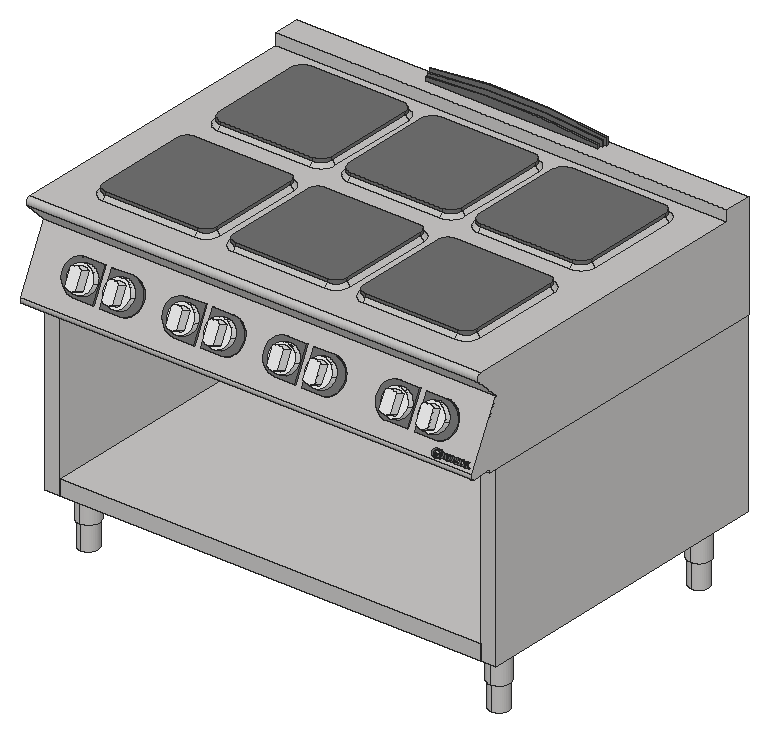
Revit family "QF_GIORIK_CE96QG", category Specialty Equipment, Revit 2014
Parameters (values of type "CE96QG")
  Weight in Pounds = 352.7392
  Watts = 24000 W
  Volts = 400 V
  URL Cutsheet = "www.giorik.com"
  URL = "www.giorik.com"
  Status [instance] = ""
  Specification by User [instance] = ""
  Specification by Manufacturer = ""
  Show Logo [instance] = yes
  Show Clearance [instance] = yes
  Serial Number = ""
  Seismic Rating = ""
  SMACNA No = ""
  Revision Code [instance] = ""
  Phase = 3
  Number of Poles [instance] = 3
  NAFEM Spec ID Number = ""
  Model = "CE96QG"
  Min Ckt Ampacity = 0 A
  Max Overcurrent Protection = 0 A
  Masterspec = ""
  Manufacturer = "GIORIK"
  Item Number [instance] = ""
  Installed By [instance] = ""
  Identify Quantity as Lot [instance] = no
  HP = "32.184480000000"
  Furnished By [instance] = ""
  Foodservice Equipment Identifier [instance] = yes
  FL Amps = 0 A
  Electrical Remarks [instance] = ""
  Electric Connection Type [instance] = ""
  Elec Conn RI Height [instance] = 0 mm
  Elec Conn Connection Height [instance] = 150 mm
  Description = "ELECTRIC COOKER A 6 PLATES SQUARE ON OPEN"
  Cycle = 50 Hz
  Conn Plug = ""
  CSI MasterFormat = ""
  Assembly Code = "E1090320"
  Apparent Power = 24000 VA
Reference planes
  plane 1 "Back": y = 0
  plane 2: z = 0
  plane 3 "Left": x = 0
  plane 4 "Right": x = 1200
  plane 5 "Front": y = -920
  plane 6 "Top": z = 900
Forms (mm)
  Extrusion 1, solid
    sketch origin (-16, 1025.948, 0) x (1, 0, 0) y (0, 1, 0)
      loop
        line (25, -1086.81) -> (25, -1156.81) -> (115, -1156.81) -> (115, -1086.81) -> (25, -1086.81)
    from 148 to 150
  Extrusion 2, solid
    sketch origin (-4, 0.138, 130) x (1, 0, 0) y (0, 1, 0)
      loop
        circle (54, -385) r 12.5
    from 0 to 20
  Extrusion 3, solid
    sketch origin (0, 800.138, -20) x (0, 1, 0) y (0, 0, 1)
      loop
        line (-800.138, 919.988) -> (-870.138, 919.988) -> (-870.138, 889.988) -> (-1688.806, 889.988)
        arc (-1688.806, 889.988) -> (-1699.151, 883.075) -> (-1696.724, 870.873) r 11.197
        line (-1696.724, 870.873) -> (-1640.876, 815.025) -> (-1718.948, 661.258)
        arc (-1718.948, 661.258) -> (-1718.233, 650.105) -> (-1708.118, 645.354) r 10.981
        line (-1708.118, 645.354) -> (-1660, 649.925) -> (-1660, 640) -> (-800.138, 640) -> (-800.138, 919.988)
    from 0 to 1200
  Extrusion 4, solid
    sketch origin (0, -199.862, 599.536) x (1, 0, 0) y (0, 1, 0)
      loop
        line (0, -640) -> (40, -640) -> (40, 159.862) -> (1160, 159.862) -> (1160, -640) -> (1200, -640) -> (1200, 199.862) -> (0, 199.862) -> (0, -640)
    from -449.536 to 20.464
  Extrusion 5, solid
    sketch origin (0, -199.862, 0) x (1, 0, 0) y (0, 1, 0)
      loop
        line (40, 159.862) -> (40, -640) -> (1160, -640) -> (1160, 159.862) -> (40, 159.862)
    from 150 to 190
  Extrusion 6, solid
    sketch origin (-16, 360.948, 0) x (1, 0, 0) y (0, 1, 0)
      loop
        line (25, -1086.81) -> (25, -1156.81) -> (115, -1156.81) -> (115, -1086.81) -> (25, -1086.81)
    from 148 to 150
  Revolve 7, solid
    sketch origin (54, 360.948, 0) x (0, 1, 0) y (0, 0, 1)
      loop
        line (-1092.56, 66) -> (-1092.56, 148) -> (-1121.81, 148) -> (-1121.81, 0) -> (-1096.81, 0) -> (-1096.81, 66) -> (-1092.56, 66)
      axis (-1121.81, 0) -> (-1121.81, 148)
    angle from 0 to 360
  Revolve 8, solid
    sketch origin (54, 1025.948, 0) x (0, 1, 0) y (0, 0, 1)
      loop
        line (-1092.56, 66) -> (-1092.56, 148) -> (-1121.81, 148) -> (-1121.81, 0) -> (-1096.81, 0) -> (-1096.81, 66) -> (-1092.56, 66)
      axis (-1121.81, 0) -> (-1121.81, 148)
    angle from 0 to 360
  Extrusion 9, solid
    sketch origin (1216, 360.948, 0) x (-1, 0, 0) y (0, -1, 0)
      loop
        line (25, 1086.81) -> (115, 1086.81) -> (115, 1156.81) -> (25, 1156.81) -> (25, 1086.81)
    from 148 to 150
  Revolve 10, solid
    sketch origin (1146, 360.948, 0) x (0, 1, 0) y (0, 0, -1)
      loop
        line (-1092.56, -66) -> (-1096.81, -66) -> (-1096.81, 0) -> (-1121.81, 0) -> (-1121.81, -148) -> (-1092.56, -148) -> (-1092.56, -66)
      axis (-1121.81, 0) -> (-1121.81, -148)
    angle from 0 to 360
  Extrusion 11, solid
    sketch origin (1216, -1217.672, 0) x (-1, 0, 0) y (0, -1, 0)
      loop
        line (25, -1086.81) -> (25, -1156.81) -> (115, -1156.81) -> (115, -1086.81) -> (25, -1086.81)
    from 148 to 150
  Revolve 12, solid
    sketch origin (1146, -1217.672, 0) x (0, -1, 0) y (0, 0, 1)
      loop
        line (-1092.56, 66) -> (-1092.56, 148) -> (-1121.81, 148) -> (-1121.81, 0) -> (-1096.81, 0) -> (-1096.81, 66) -> (-1092.56, 66)
      axis (-1121.81, 0) -> (-1121.81, 148)
    angle from 0 to 360
  Extrusion 13, solid
    sketch origin (236.031, 0, -10.001) x (1, 0, 0) y (0, 0, 1)
      loop
        line (135, 909.989) -> (592.969, 909.989) -> (592.969, 919.989) -> (440.969, 929.989) -> (287, 929.989) -> (135, 919.989) -> (135, 909.989)
    from 32 to 35
  Extrusion 14, solid
    sketch origin (238, 10, -10.001) x (1, 0, 0) y (0, 0, 1)
      loop
        line (594, 909.989) -> (594, 924.989) -> (440, 937.489) -> (284, 937.489) -> (130, 925.001) -> (130, 909.989) -> (594, 909.989)
    from 32 to 35
  Extrusion 15, solid
    sketch origin (240, 20, -10.001) x (1, 0, 0) y (0, 0, 1)
      loop
        line (595, 909.989) -> (595, 930.001) -> (439, 945.258) -> (281, 945.258) -> (125, 929.989) -> (125, 909.989) -> (595, 909.989)
    from 32 to 35
  Extrusion 16, solid
    sketch origin (-3.903, 0.05, 130) x (1, 0, 0) y (0, 1, 0)
      loop
        circle (54, -385) r 12.5
    from 0 to 20
  Extrusion 17, solid
    sketch origin (64, 3.186, 864.988) x (0, 1, 0) y (-1, 0, 0)
      loop
        arc (-121.5, -68) -> (-129.701, -48.201) -> (-149.5, -40) r 28
        line (-149.5, -40) -> (-393.5, -40)
        arc (-393.5, -40) -> (-413.299, -48.201) -> (-421.5, -68) r 28
        line (-421.5, -68) -> (-421.5, -311.998)
        arc (-421.5, -311.998) -> (-413.299, -331.797) -> (-393.5, -339.998) r 28
        line (-393.5, -339.998) -> (-149.5, -339.998)
        arc (-149.5, -339.998) -> (-129.701, -331.797) -> (-121.5, -311.998) r 28
        line (-121.5, -311.998) -> (-121.5, -68)
    from 23 to 15
  Blend 18, solid
    base sketch origin (808.36, -819.318, 869.988) x (0, 1, 0) y (-1, 0, 0)
      loop
        arc (710.004, 676.36) -> (699.167, 702.523) -> (673.004, 713.36) r 37
        line (673.004, 713.36) -> (429.004, 713.36)
        arc (429.004, 713.36) -> (402.841, 702.523) -> (392.004, 676.36) r 37
        line (392.004, 676.36) -> (392.004, 432.362)
        arc (392.004, 432.362) -> (402.841, 406.199) -> (429.004, 395.362) r 37
        line (429.004, 395.362) -> (673.004, 395.362)
        arc (673.004, 395.362) -> (699.167, 406.199) -> (710.004, 432.362) r 37
        line (710.004, 432.362) -> (710.004, 676.36)
    top sketch origin (808.36, -819.318, 900) x (0, 1, 0) y (-1, 0, 0)
      loop
        arc (701.004, 676.36) -> (692.803, 696.159) -> (673.004, 704.36) r 28
        line (673.004, 704.36) -> (429.004, 704.36)
        arc (429.004, 704.36) -> (409.205, 696.159) -> (401.004, 676.36) r 28
        line (401.004, 676.36) -> (401.004, 432.362)
        arc (401.004, 432.362) -> (409.205, 412.563) -> (429.004, 404.362) r 28
        line (429.004, 404.362) -> (673.004, 404.362)
        arc (673.004, 404.362) -> (692.803, 412.563) -> (701.004, 432.362) r 28
        line (701.004, 432.362) -> (701.004, 676.36)
    from 0 to -20.012
  Extrusion 19, solid
    sketch origin (64, -921.814, 864.988) x (0, -1, 0) y (1, 0, 0)
      loop
        line (-121.5, 68) -> (-121.5, 311.998)
        arc (-121.5, 311.998) -> (-129.701, 331.797) -> (-149.5, 339.998) r 28
        line (-149.5, 339.998) -> (-393.5, 339.998)
        arc (-393.5, 339.998) -> (-413.299, 331.797) -> (-421.5, 311.998) r 28
        line (-421.5, 311.998) -> (-421.5, 68)
        arc (-421.5, 68) -> (-413.299, 48.201) -> (-393.5, 40) r 28
        line (-393.5, 40) -> (-149.5, 40)
        arc (-149.5, 40) -> (-129.701, 48.201) -> (-121.5, 68) r 28
    from 23 to 15
  Blend 20, solid
    base sketch origin (808.36, -99.31, 869.988) x (0, -1, 0) y (1, 0, 0)
      loop
        line (710.004, -676.36) -> (710.004, -432.362)
        arc (710.004, -432.362) -> (699.167, -406.199) -> (673.004, -395.362) r 37
        line (673.004, -395.362) -> (429.004, -395.362)
        arc (429.004, -395.362) -> (402.841, -406.199) -> (392.004, -432.362) r 37
        line (392.004, -432.362) -> (392.004, -676.36)
        arc (392.004, -676.36) -> (402.841, -702.523) -> (429.004, -713.36) r 37
        line (429.004, -713.36) -> (673.004, -713.36)
        arc (673.004, -713.36) -> (699.167, -702.523) -> (710.004, -676.36) r 37
    top sketch origin (808.36, -99.31, 900) x (0, -1, 0) y (1, 0, 0)
      loop
        line (701.004, -676.36) -> (701.004, -432.362)
        arc (701.004, -432.362) -> (692.803, -412.563) -> (673.004, -404.362) r 28
        line (673.004, -404.362) -> (429.004, -404.362)
        arc (429.004, -404.362) -> (409.205, -412.563) -> (401.004, -432.362) r 28
        line (401.004, -432.362) -> (401.004, -676.36)
        arc (401.004, -676.36) -> (409.205, -696.159) -> (429.004, -704.36) r 28
        line (429.004, -704.36) -> (673.004, -704.36)
        arc (673.004, -704.36) -> (692.803, -696.159) -> (701.004, -676.36) r 28
    from 0 to -20.012
  Extrusion 21, solid
    sketch origin (790, 3.186, 864.988) x (0, 1, 0) y (-1, 0, 0)
      loop
        line (-121.5, 68) -> (-121.5, 311.998)
        arc (-121.5, 311.998) -> (-129.701, 331.797) -> (-149.5, 339.998) r 28
        line (-149.5, 339.998) -> (-393.5, 339.998)
        arc (-393.5, 339.998) -> (-413.299, 331.797) -> (-421.5, 311.998) r 28
        line (-421.5, 311.998) -> (-421.5, 68)
        arc (-421.5, 68) -> (-413.299, 48.201) -> (-393.5, 40) r 28
        line (-393.5, 40) -> (-149.5, 40)
        arc (-149.5, 40) -> (-129.701, 48.201) -> (-121.5, 68) r 28
    from 23 to 15
  Blend 22, solid
    base sketch origin (45.64, -819.318, 869.988) x (0, 1, 0) y (-1, 0, 0)
      loop
        line (710.004, -676.36) -> (710.004, -432.362)
        arc (710.004, -432.362) -> (699.167, -406.199) -> (673.004, -395.362) r 37
        line (673.004, -395.362) -> (429.004, -395.362)
        arc (429.004, -395.362) -> (402.841, -406.199) -> (392.004, -432.362) r 37
        line (392.004, -432.362) -> (392.004, -676.36)
        arc (392.004, -676.36) -> (402.841, -702.523) -> (429.004, -713.36) r 37
        line (429.004, -713.36) -> (673.004, -713.36)
        arc (673.004, -713.36) -> (699.167, -702.523) -> (710.004, -676.36) r 37
    top sketch origin (45.64, -819.318, 900) x (0, 1, 0) y (-1, 0, 0)
      loop
        line (701.004, -676.36) -> (701.004, -432.362)
        arc (701.004, -432.362) -> (692.803, -412.563) -> (673.004, -404.362) r 28
        line (673.004, -404.362) -> (429.004, -404.362)
        arc (429.004, -404.362) -> (409.205, -412.563) -> (401.004, -432.362) r 28
        line (401.004, -432.362) -> (401.004, -676.36)
        arc (401.004, -676.36) -> (409.205, -696.159) -> (429.004, -704.36) r 28
        line (429.004, -704.36) -> (673.004, -704.36)
        arc (673.004, -704.36) -> (692.803, -696.159) -> (701.004, -676.36) r 28
    from 0 to -20.012
  Extrusion 23, solid
    sketch origin (790, -921.814, 864.988) x (0, -1, 0) y (1, 0, 0)
      loop
        arc (-121.5, -68) -> (-129.701, -48.201) -> (-149.5, -40) r 28
        line (-149.5, -40) -> (-393.5, -40)
        arc (-393.5, -40) -> (-413.299, -48.201) -> (-421.5, -68) r 28
        line (-421.5, -68) -> (-421.5, -311.998)
        arc (-421.5, -311.998) -> (-413.299, -331.797) -> (-393.5, -339.998) r 28
        line (-393.5, -339.998) -> (-149.5, -339.998)
        arc (-149.5, -339.998) -> (-129.701, -331.797) -> (-121.5, -311.998) r 28
        line (-121.5, -311.998) -> (-121.5, -68)
    from 23 to 15
  Blend 24, solid
    base sketch origin (45.64, -99.31, 869.988) x (0, -1, 0) y (1, 0, 0)
      loop
        arc (710.004, 676.36) -> (699.167, 702.523) -> (673.004, 713.36) r 37
        line (673.004, 713.36) -> (429.004, 713.36)
        arc (429.004, 713.36) -> (402.841, 702.523) -> (392.004, 676.36) r 37
        line (392.004, 676.36) -> (392.004, 432.362)
        arc (392.004, 432.362) -> (402.841, 406.199) -> (429.004, 395.362) r 37
        line (429.004, 395.362) -> (673.004, 395.362)
        arc (673.004, 395.362) -> (699.167, 406.199) -> (710.004, 432.362) r 37
        line (710.004, 432.362) -> (710.004, 676.36)
    top sketch origin (45.64, -99.31, 900) x (0, -1, 0) y (1, 0, 0)
      loop
        arc (701.004, 676.36) -> (692.803, 696.159) -> (673.004, 704.36) r 28
        line (673.004, 704.36) -> (429.004, 704.36)
        arc (429.004, 704.36) -> (409.205, 696.159) -> (401.004, 676.36) r 28
        line (401.004, 676.36) -> (401.004, 432.362)
        arc (401.004, 432.362) -> (409.205, 412.563) -> (429.004, 404.362) r 28
        line (429.004, 404.362) -> (673.004, 404.362)
        arc (673.004, 404.362) -> (692.803, 412.563) -> (701.004, 432.362) r 28
        line (701.004, 432.362) -> (701.004, 676.36)
    from 0 to -20.012
  Extrusion 25, solid
    sketch origin (1136, 3.186, 864.988) x (0, 1, 0) y (-1, 0, 0)
      loop
        line (-121.5, 68) -> (-121.5, 311.998)
        arc (-121.5, 311.998) -> (-129.701, 331.797) -> (-149.5, 339.998) r 28
        line (-149.5, 339.998) -> (-393.5, 339.998)
        arc (-393.5, 339.998) -> (-413.299, 331.797) -> (-421.5, 311.998) r 28
        line (-421.5, 311.998) -> (-421.5, 68)
        arc (-421.5, 68) -> (-413.299, 48.201) -> (-393.5, 40) r 28
        line (-393.5, 40) -> (-149.5, 40)
        arc (-149.5, 40) -> (-129.701, 48.201) -> (-121.5, 68) r 28
    from 23 to 15
  Blend 26, solid
    base sketch origin (391.64, -819.318, 869.988) x (0, 1, 0) y (-1, 0, 0)
      loop
        line (710.004, -676.36) -> (710.004, -432.362)
        arc (710.004, -432.362) -> (699.167, -406.199) -> (673.004, -395.362) r 37
        line (673.004, -395.362) -> (429.004, -395.362)
        arc (429.004, -395.362) -> (402.841, -406.199) -> (392.004, -432.362) r 37
        line (392.004, -432.362) -> (392.004, -676.36)
        arc (392.004, -676.36) -> (402.841, -702.523) -> (429.004, -713.36) r 37
        line (429.004, -713.36) -> (673.004, -713.36)
        arc (673.004, -713.36) -> (699.167, -702.523) -> (710.004, -676.36) r 37
    top sketch origin (391.64, -819.318, 900) x (0, 1, 0) y (-1, 0, 0)
      loop
        line (701.004, -676.36) -> (701.004, -432.362)
        arc (701.004, -432.362) -> (692.803, -412.563) -> (673.004, -404.362) r 28
        line (673.004, -404.362) -> (429.004, -404.362)
        arc (429.004, -404.362) -> (409.205, -412.563) -> (401.004, -432.362) r 28
        line (401.004, -432.362) -> (401.004, -676.36)
        arc (401.004, -676.36) -> (409.205, -696.159) -> (429.004, -704.36) r 28
        line (429.004, -704.36) -> (673.004, -704.36)
        arc (673.004, -704.36) -> (692.803, -696.159) -> (701.004, -676.36) r 28
    from 0 to -20.012
  Extrusion 27, solid
    sketch origin (1136, -921.814, 864.988) x (0, -1, 0) y (1, 0, 0)
      loop
        arc (-121.5, -68) -> (-129.701, -48.201) -> (-149.5, -40) r 28
        line (-149.5, -40) -> (-393.5, -40)
        arc (-393.5, -40) -> (-413.299, -48.201) -> (-421.5, -68) r 28
        line (-421.5, -68) -> (-421.5, -311.998)
        arc (-421.5, -311.998) -> (-413.299, -331.797) -> (-393.5, -339.998) r 28
        line (-393.5, -339.998) -> (-149.5, -339.998)
        arc (-149.5, -339.998) -> (-129.701, -331.797) -> (-121.5, -311.998) r 28
        line (-121.5, -311.998) -> (-121.5, -68)
    from 23 to 15
  Blend 28, solid
    base sketch origin (391.64, -99.31, 869.988) x (0, -1, 0) y (1, 0, 0)
      loop
        arc (710.004, 676.36) -> (699.167, 702.523) -> (673.004, 713.36) r 37
        line (673.004, 713.36) -> (429.004, 713.36)
        arc (429.004, 713.36) -> (402.841, 702.523) -> (392.004, 676.36) r 37
        line (392.004, 676.36) -> (392.004, 432.362)
        arc (392.004, 432.362) -> (402.841, 406.199) -> (429.004, 395.362) r 37
        line (429.004, 395.362) -> (673.004, 395.362)
        arc (673.004, 395.362) -> (699.167, 406.199) -> (710.004, 432.362) r 37
        line (710.004, 432.362) -> (710.004, 676.36)
    top sketch origin (391.64, -99.31, 900) x (0, -1, 0) y (1, 0, 0)
      loop
        arc (701.004, 676.36) -> (692.803, 696.159) -> (673.004, 704.36) r 28
        line (673.004, 704.36) -> (429.004, 704.36)
        arc (429.004, 704.36) -> (409.205, 696.159) -> (401.004, 676.36) r 28
        line (401.004, 676.36) -> (401.004, 432.362)
        arc (401.004, 432.362) -> (409.205, 412.563) -> (429.004, 404.362) r 28
        line (429.004, 404.362) -> (673.004, 404.362)
        arc (673.004, 404.362) -> (692.803, 412.563) -> (701.004, 432.362) r 28
        line (701.004, 432.362) -> (701.004, 676.36)
    from 0 to -20.012
  Extrusion 29, solid, visible <- "Show Logo"
    sketch origin (996.604, -936.763, 609.213) x (-1, 0, 0) y (0, 0.452718, 0.891654)
      loop
        line (-118.824, 58.358) -> (-127.804, 58.358) -> (-125.523, 56.445) -> (-125.523, 48.027) -> (-127.804, 46.113) -> (-118.824, 46.113) -> (-121.105, 48.027) -> (-121.105, 56.445) -> (-118.824, 58.358)
      loop
        line (-163.721, 58.358) -> (-172.7, 58.358) -> (-170.42, 56.445) -> (-170.42, 48.027) -> (-172.7, 46.113) -> (-163.721, 46.113) -> (-166.001, 48.027) -> (-166.001, 56.445) -> (-163.721, 58.358)
      loop
        line (-174.332, 58.358) -> (-183.312, 58.358) -> (-181.031, 56.445) -> (-181.031, 52.435) -> (-186.419, 56.955) -> (-184.416, 58.358) -> (-191.268, 58.358) -> (-188.01, 56.839) -> (-185.455, 54.283) -> (-190.846, 47.858) -> (-193.396, 46.93) -> (-193.396, 46.113) -> (-184.416, 46.113) -> (-185.437, 47.571) -> (-182.443, 51.552) -> (-181.031, 50.894) -> (-181.031, 48.027) -> (-183.312, 46.113) -> (-174.332, 46.113) -> (-176.613, 48.027) -> (-176.613, 56.445) -> (-174.332, 58.358)
      loop
        line (-115.429, 62.063) -> (-115.429, 54.198)
        arc (-115.429, 54.198) -> (-111.618, 57.803) -> (-106.847, 59.986) r 16.039
        arc (-106.847, 59.986) -> (-103.314, 59.837) -> (-100.512, 57.68) r 5.851
        arc (-100.512, 57.68) -> (-98.815, 52.267) -> (-100.512, 46.853) r 9.479
        arc (-100.512, 46.853) -> (-102.406, 44.986) -> (-104.846, 43.93) r 7.236
        arc (-104.846, 43.93) -> (-107.728, 44.111) -> (-110.052, 45.825) r 5.11
        line (-110.052, 45.825) -> (-110.052, 52.001) -> (-116.141, 52.001) -> (-116.141, 45.503) -> (-117.893, 43.751) -> (-114.094, 44.769)
        arc (-114.094, 44.769) -> (-112.56, 44.947) -> (-111.129, 44.366) r 3.115
        arc (-111.129, 44.366) -> (-104.216, 42.091) -> (-97.303, 44.366) r 11.641
        arc (-97.303, 44.366) -> (-93.396, 52.107) -> (-97.303, 59.849) r 9.622
        arc (-97.303, 59.849) -> (-104.369, 62.174) -> (-111.435, 59.849) r 11.898
        line (-111.435, 59.849) -> (-115.429, 62.063)
      loop
        arc (-129.234, 56.068) -> (-135.893, 58.628) -> (-142.552, 56.068) r 9.941
        arc (-142.552, 56.068) -> (-144.234, 52.286) -> (-142.552, 48.505) r 5.093
        arc (-142.552, 48.505) -> (-135.893, 45.945) -> (-129.234, 48.505) r 9.941
        arc (-129.234, 48.505) -> (-127.552, 52.286) -> (-129.234, 56.068) r 5.093
      loop
        arc (-132.628, 54.403) -> (-135.893, 57.668) -> (-139.158, 54.403) r 3.265
        line (-139.158, 54.403) -> (-139.158, 50.169)
        arc (-139.158, 50.169) -> (-135.893, 46.904) -> (-132.628, 50.169) r 3.265
        line (-132.628, 50.169) -> (-132.628, 54.403)
      loop
        arc (-156.363, 58.365) -> (-159.647, 55.081) -> (-156.363, 51.796) r 3.285
        line (-156.363, 51.796) -> (-159.529, 47.306) -> (-162.087, 46.113) -> (-155.847, 46.113) -> (-153.529, 51.083) -> (-150.637, 51.083) -> (-150.637, 47.784) -> (-153.022, 46.113) -> (-144.011, 46.113) -> (-146.094, 47.68) -> (-146.094, 56.493) -> (-144.229, 58.365) -> (-156.363, 58.365)
      loop
        line (-150.637, 57.512) -> (-153.637, 57.512)
        arc (-153.637, 57.512) -> (-156.237, 54.912) -> (-153.637, 52.312) r 2.6
        line (-153.637, 52.312) -> (-150.637, 52.312) -> (-150.637, 57.512)
      loop
        line (-108.924, 52.001) -> (-104.936, 49.005) -> (-100.948, 52.001) -> (-108.924, 52.001)
    from 1.5 to -0.5
  Extrusion 30, solid
    sketch origin (-283.221, -1163.958, 52.4) x (1, 0, 0) y (0, 0.452718, 0.891654)
      loop
        line (463.221, 676.25) -> (463.221, 766.25) -> (409.698, 766.25)
        arc (409.698, 766.25) -> (364.698, 721.25) -> (409.698, 676.25) r 45
        line (409.698, 676.25) -> (463.221, 676.25)
    from 48 to 50
  Extrusion 31, solid
    sketch origin (491.331, -1209.309, 74.995) x (-1, 0, 0) y (0, -0.45351, -0.891251)
      loop
        circle (351.331, -721.346) r 35
    from 0 to 15
  Extrusion 32, solid
    sketch origin (491.331, -1209.309, 74.995) x (-1, 0, 0) y (0, -0.45351, -0.891251)
      loop
        arc (336.331, -743.846) -> (351.331, -748.846) -> (366.331, -743.846) r 25
        line (366.331, -743.846) -> (366.331, -698.846)
        arc (366.331, -698.846) -> (351.331, -693.846) -> (336.331, -698.846) r 25
        line (336.331, -698.846) -> (336.331, -743.846)
    from 15 to 40
  Extrusion 33, solid
    sketch origin (661.221, -1163.958, 52.4) x (-1, 0, 0) y (0, -0.452718, -0.891654)
      loop
        line (463.221, -676.25) -> (409.698, -676.25)
        arc (409.698, -676.25) -> (364.698, -721.25) -> (409.698, -766.25) r 45
        line (409.698, -766.25) -> (463.221, -766.25) -> (463.221, -676.25)
    from 48 to 50
  Extrusion 34, solid
    sketch origin (-113.331, -1209.309, 74.995) x (1, 0, 0) y (0, 0.45351, 0.891251)
      loop
        circle (351.331, 721.346) r 35
    from 0 to 15
  Extrusion 35, solid
    sketch origin (-113.331, -1209.309, 74.995) x (1, 0, 0) y (0, 0.45351, 0.891251)
      loop
        line (336.331, 743.846) -> (336.331, 698.846)
        arc (336.331, 698.846) -> (351.331, 693.846) -> (366.331, 698.846) r 25
        line (366.331, 698.846) -> (366.331, 743.846)
        arc (366.331, 743.846) -> (351.331, 748.846) -> (336.331, 743.846) r 25
    from 15 to 40
  Extrusion 36, solid
    sketch origin (929.221, -1163.958, 52.4) x (-1, 0, 0) y (0, -0.452718, -0.891654)
      loop
        line (463.221, -676.25) -> (409.698, -676.25)
        arc (409.698, -676.25) -> (364.698, -721.25) -> (409.698, -766.25) r 45
        line (409.698, -766.25) -> (463.221, -766.25) -> (463.221, -676.25)
    from 48 to 50
  Extrusion 37, solid
    sketch origin (154.669, -1209.309, 74.995) x (1, 0, 0) y (0, 0.45351, 0.891251)
      loop
        circle (351.331, 721.346) r 35
    from 0 to 15
  Extrusion 38, solid
    sketch origin (154.669, -1209.309, 74.995) x (1, 0, 0) y (0, 0.45351, 0.891251)
      loop
        line (336.331, 743.846) -> (336.331, 698.846)
        arc (336.331, 698.846) -> (351.331, 693.846) -> (366.331, 698.846) r 25
        line (366.331, 698.846) -> (366.331, 743.846)
        arc (366.331, 743.846) -> (351.331, 748.846) -> (336.331, 743.846) r 25
    from 15 to 40
  Extrusion 39, solid
    sketch origin (-15.221, -1163.958, 52.4) x (1, 0, 0) y (0, 0.452718, 0.891654)
      loop
        line (463.221, 676.25) -> (463.221, 766.25) -> (409.698, 766.25)
        arc (409.698, 766.25) -> (364.698, 721.25) -> (409.698, 676.25) r 45
        line (409.698, 676.25) -> (463.221, 676.25)
    from 48 to 50
  Extrusion 40, solid
    sketch origin (759.331, -1209.309, 74.995) x (-1, 0, 0) y (0, -0.45351, -0.891251)
      loop
        circle (351.331, -721.346) r 35
    from 0 to 15
  Extrusion 41, solid
    sketch origin (759.331, -1209.309, 74.995) x (-1, 0, 0) y (0, -0.45351, -0.891251)
      loop
        arc (336.331, -743.846) -> (351.331, -748.846) -> (366.331, -743.846) r 25
        line (366.331, -743.846) -> (366.331, -698.846)
        arc (366.331, -698.846) -> (351.331, -693.846) -> (336.331, -698.846) r 25
        line (336.331, -698.846) -> (336.331, -743.846)
    from 15 to 40
  Extrusion 42, solid
    sketch origin (252.779, -1163.958, 52.4) x (1, 0, 0) y (0, 0.452718, 0.891654)
      loop
        line (463.221, 676.25) -> (463.221, 766.25) -> (409.698, 766.25)
        arc (409.698, 766.25) -> (364.698, 721.25) -> (409.698, 676.25) r 45
        line (409.698, 676.25) -> (463.221, 676.25)
    from 48 to 50
  Extrusion 43, solid
    sketch origin (1027.331, -1209.309, 74.995) x (-1, 0, 0) y (0, -0.45351, -0.891251)
      loop
        circle (351.331, -721.346) r 35
    from 0 to 15
  Extrusion 44, solid
    sketch origin (1027.331, -1209.309, 74.995) x (-1, 0, 0) y (0, -0.45351, -0.891251)
      loop
        arc (336.331, -743.846) -> (351.331, -748.846) -> (366.331, -743.846) r 25
        line (366.331, -743.846) -> (366.331, -698.846)
        arc (366.331, -698.846) -> (351.331, -693.846) -> (336.331, -698.846) r 25
        line (336.331, -698.846) -> (336.331, -743.846)
    from 15 to 40
  Extrusion 45, solid
    sketch origin (1197.221, -1163.958, 52.4) x (-1, 0, 0) y (0, -0.452718, -0.891654)
      loop
        line (463.221, -676.25) -> (409.698, -676.25)
        arc (409.698, -676.25) -> (364.698, -721.25) -> (409.698, -766.25) r 45
        line (409.698, -766.25) -> (463.221, -766.25) -> (463.221, -676.25)
    from 48 to 50
  Extrusion 46, solid
    sketch origin (422.669, -1209.309, 74.995) x (1, 0, 0) y (0, 0.45351, 0.891251)
      loop
        circle (351.331, 721.346) r 35
    from 0 to 15
  Extrusion 47, solid
    sketch origin (422.669, -1209.309, 74.995) x (1, 0, 0) y (0, 0.45351, 0.891251)
      loop
        line (336.331, 743.846) -> (336.331, 698.846)
        arc (336.331, 698.846) -> (351.331, 693.846) -> (366.331, 698.846) r 25
        line (366.331, 698.846) -> (366.331, 743.846)
        arc (366.331, 743.846) -> (351.331, 748.846) -> (336.331, 743.846) r 25
    from 15 to 40
  Extrusion 48, solid
    sketch origin (552.779, -1163.958, 52.4) x (1, 0, 0) y (0, 0.452718, 0.891654)
      loop
        line (463.221, 676.25) -> (463.221, 766.25) -> (409.698, 766.25)
        arc (409.698, 766.25) -> (364.698, 721.25) -> (409.698, 676.25) r 45
        line (409.698, 676.25) -> (463.221, 676.25)
    from 48 to 50
  Extrusion 49, solid
    sketch origin (1327.331, -1209.309, 74.995) x (-1, 0, 0) y (0, -0.45351, -0.891251)
      loop
        circle (351.331, -721.346) r 35
    from 0 to 15
  Extrusion 50, solid
    sketch origin (1327.331, -1209.309, 74.995) x (-1, 0, 0) y (0, -0.45351, -0.891251)
      loop
        arc (336.331, -743.846) -> (351.331, -748.846) -> (366.331, -743.846) r 25
        line (366.331, -743.846) -> (366.331, -698.846)
        arc (366.331, -698.846) -> (351.331, -693.846) -> (336.331, -698.846) r 25
        line (336.331, -698.846) -> (336.331, -743.846)
    from 15 to 40
  Extrusion 51, solid
    sketch origin (1497.221, -1163.958, 52.4) x (-1, 0, 0) y (0, -0.452718, -0.891654)
      loop
        line (463.221, -676.25) -> (409.698, -676.25)
        arc (409.698, -676.25) -> (364.698, -721.25) -> (409.698, -766.25) r 45
        line (409.698, -766.25) -> (463.221, -766.25) -> (463.221, -676.25)
    from 48 to 50
  Extrusion 52, solid
    sketch origin (722.669, -1209.309, 74.995) x (1, 0, 0) y (0, 0.45351, 0.891251)
      loop
        circle (351.331, 721.346) r 35
    from 0 to 15
  Extrusion 53, solid
    sketch origin (722.669, -1209.309, 74.995) x (1, 0, 0) y (0, 0.45351, 0.891251)
      loop
        line (336.331, 743.846) -> (336.331, 698.846)
        arc (336.331, 698.846) -> (351.331, 693.846) -> (366.331, 698.846) r 25
        line (366.331, 698.846) -> (366.331, 743.846)
        arc (366.331, 743.846) -> (351.331, 748.846) -> (336.331, 743.846) r 25
    from 15 to 40
Lines and regions (mm)
  symbolic lines, style "200-EquipBorder-2D"
    curve 1: line (0, -919.862, 0) -> (1200, -919.862, 0)
    curve 2: line (1200, -919.862, 0) -> (1200, 0, 0)
    curve 3: line (1200, 0, 0) -> (0, 0, 0)
    curve 4: line (0, 0, 0) -> (0, -919.862, 0)
  symbolic lines, style "200-EquipInternal-2D"
    curve 5: line (0, -70, 900) -> (1200, -70, 900)
    curve 6: line (365, -12, 900) -> (835, -12, 900)
    curve 7: line (835, -12, 900) -> (835, -15, 900)
    curve 8: line (835, -15, 900) -> (365, -15, 900)
    curve 9: line (365, -15, 900) -> (365, -12, 900)
    curve 10: line (368, -22, 900) -> (832, -22, 900)
    curve 11: line (832, -22, 900) -> (832, -25, 900)
    curve 12: line (832, -25, 900) -> (368, -25, 900)
    curve 13: line (368, -25, 900) -> (368, -22, 900)
    curve 14: line (371.031, -32, 900) -> (829, -32, 900)
    curve 15: line (829, -32, 900) -> (829, -35, 900)
    curve 16: line (829, -35, 900) -> (371.031, -35, 900)
    curve 17: line (371.031, -35, 900) -> (371.031, -32, 900)
    curve 18: arc (95, -146.314, 900) -> (105.837, -120.151, 900) -> (132, -109.314, 900) r 37
    curve 19: arc (132, -118.314, 900) -> (112.201, -126.515, 900) -> (104, -146.314, 900) r 28
    curve 20: line (132, -109.314, 900) -> (375.998, -109.314, 900)
    curve 21: line (375.998, -118.314, 900) -> (132, -118.314, 900)
    curve 22: line (95, -390.314, 900) -> (95, -146.314, 900)
    curve 23: line (104, -146.314, 900) -> (104, -390.314, 900)
    curve 24: arc (132, -427.314, 900) -> (105.837, -416.477, 900) -> (95, -390.314, 900) r 37
    curve 25: arc (104, -390.314, 900) -> (112.201, -410.113, 900) -> (132, -418.314, 900) r 28
    curve 26: line (375.998, -427.314, 900) -> (132, -427.314, 900)
    curve 27: line (132, -418.314, 900) -> (375.998, -418.314, 900)
    curve 28: arc (412.998, -390.314, 900) -> (402.161, -416.477, 900) -> (375.998, -427.314, 900) r 37
    curve 29: line (403.998, -390.314, 900) -> (403.998, -146.314, 900)
    curve 30: arc (375.998, -418.314, 900) -> (395.797, -410.113, 900) -> (403.998, -390.314, 900) r 28
    curve 31: line (412.998, -146.314, 900) -> (412.998, -390.314, 900)
    curve 32: arc (375.998, -109.314, 900) -> (402.161, -120.151, 900) -> (412.998, -146.314, 900) r 37
    curve 33: arc (403.998, -146.314, 900) -> (395.797, -126.515, 900) -> (375.998, -118.314, 900) r 28
    curve 34: line (441.002, -390.314, 900) -> (441.002, -146.314, 900)
    curve 35: line (450.002, -146.314, 900) -> (450.002, -390.314, 900)
    curve 36: arc (441.002, -146.314, 900) -> (451.839, -120.151, 900) -> (478.002, -109.314, 900) r 37
    curve 37: arc (478.002, -118.314, 900) -> (458.203, -126.515, 900) -> (450.002, -146.314, 900) r 28
    curve 38: line (478.002, -109.314, 900) -> (722, -109.314, 900)
    curve 39: line (722, -118.314, 900) -> (478.002, -118.314, 900)
    curve 40: arc (722, -109.314, 900) -> (748.163, -120.151, 900) -> (759, -146.314, 900) r 37
    curve 41: arc (750, -146.314, 900) -> (741.799, -126.515, 900) -> (722, -118.314, 900) r 28
    curve 42: line (759, -146.314, 900) -> (759, -390.314, 900)
    curve 43: line (750, -390.314, 900) -> (750, -146.314, 900)
    curve 44: arc (722, -418.314, 900) -> (741.799, -410.113, 900) -> (750, -390.314, 900) r 28
    curve 45: arc (759, -390.314, 900) -> (748.163, -416.477, 900) -> (722, -427.314, 900) r 37
    curve 46: line (478.002, -418.314, 900) -> (722, -418.314, 900)
    curve 47: line (722, -427.314, 900) -> (478.002, -427.314, 900)
    curve 48: arc (450.002, -390.314, 900) -> (458.203, -410.113, 900) -> (478.002, -418.314, 900) r 28
    curve 49: arc (478.002, -427.314, 900) -> (451.839, -416.477, 900) -> (441.002, -390.314, 900) r 37
    curve 50: line (104, -528.314, 900) -> (104, -772.314, 900)
    curve 51: line (95, -772.314, 900) -> (95, -528.314, 900)
    curve 52: line (132, -800.314, 900) -> (375.998, -800.314, 900)
    curve 53: line (412.998, -528.314, 900) -> (412.998, -772.314, 900)
    curve 54: line (403.998, -772.314, 900) -> (403.998, -528.314, 900)
    curve 55: line (132, -491.314, 900) -> (375.998, -491.314, 900)
    curve 56: line (375.998, -500.314, 900) -> (132, -500.314, 900)
    curve 57: line (722, -500.314, 900) -> (478.002, -500.314, 900)
    curve 58: line (478.002, -491.314, 900) -> (722, -491.314, 900)
    curve 59: line (441.002, -772.314, 900) -> (441.002, -528.314, 900)
    curve 60: line (450.002, -528.314, 900) -> (450.002, -772.314, 900)
    curve 61: line (722, -809.314, 900) -> (478.002, -809.314, 900)
    curve 62: line (478.002, -800.314, 900) -> (722, -800.314, 900)
    curve 63: line (375.998, -809.314, 900) -> (132, -809.314, 900)
    curve 64: arc (375.998, -800.314, 900) -> (395.797, -792.113, 900) -> (403.998, -772.314, 900) r 28
    curve 65: arc (759, -772.314, 900) -> (748.163, -798.477, 900) -> (722, -809.314, 900) r 37
    curve 66: line (759, -528.314, 900) -> (759, -772.314, 900)
    curve 67: line (750, -772.314, 900) -> (750, -528.314, 900)
    curve 68: arc (722, -491.314, 900) -> (748.163, -502.151, 900) -> (759, -528.314, 900) r 37
    curve 69: arc (441.002, -528.314, 900) -> (451.839, -502.151, 900) -> (478.002, -491.314, 900) r 37
    curve 70: arc (450.002, -772.314, 900) -> (458.203, -792.113, 900) -> (478.002, -800.314, 900) r 28
    curve 71: arc (722, -800.314, 900) -> (741.799, -792.113, 900) -> (750, -772.314, 900) r 28
    curve 72: arc (750, -528.314, 900) -> (741.799, -508.515, 900) -> (722, -500.314, 900) r 28
    curve 73: arc (478.002, -500.314, 900) -> (458.203, -508.515, 900) -> (450.002, -528.314, 900) r 28
    curve 74: arc (478.002, -809.314, 900) -> (451.839, -798.477, 900) -> (441.002, -772.314, 900) r 37
    curve 75: arc (375.998, -491.314, 900) -> (402.161, -502.151, 900) -> (412.998, -528.314, 900) r 37
    curve 76: arc (95, -528.314, 900) -> (105.837, -502.151, 900) -> (132, -491.314, 900) r 37
    curve 77: arc (104, -772.314, 900) -> (112.201, -792.113, 900) -> (132, -800.314, 900) r 28
    curve 78: arc (412.998, -772.314, 900) -> (402.161, -798.477, 900) -> (375.998, -809.314, 900) r 37
    curve 79: arc (403.998, -528.314, 900) -> (395.797, -508.515, 900) -> (375.998, -500.314, 900) r 28
    curve 80: arc (132, -500.314, 900) -> (112.201, -508.515, 900) -> (104, -528.314, 900) r 28
    curve 81: arc (132, -809.314, 900) -> (105.837, -798.477, 900) -> (95, -772.314, 900) r 37
    curve 82: line (787.002, -390.314, 900) -> (787.002, -146.314, 900)
    curve 83: line (796.002, -146.314, 900) -> (796.002, -390.314, 900)
    curve 84: arc (787.002, -146.314, 900) -> (797.839, -120.151, 900) -> (824.002, -109.314, 900) r 37
    curve 85: arc (824.002, -118.314, 900) -> (804.203, -126.515, 900) -> (796.002, -146.314, 900) r 28
    curve 86: line (824.002, -109.314, 900) -> (1068, -109.314, 900)
    curve 87: line (1068, -118.314, 900) -> (824.002, -118.314, 900)
    curve 88: arc (1068, -109.314, 900) -> (1094.163, -120.151, 900) -> (1105, -146.314, 900) r 37
    curve 89: arc (1096, -146.314, 900) -> (1087.799, -126.515, 900) -> (1068, -118.314, 900) r 28
    curve 90: line (1105, -146.314, 900) -> (1105, -390.314, 900)
    curve 91: line (1096, -390.314, 900) -> (1096, -146.314, 900)
    curve 92: arc (1068, -418.314, 900) -> (1087.799, -410.113, 900) -> (1096, -390.314, 900) r 28
    curve 93: arc (1105, -390.314, 900) -> (1094.163, -416.477, 900) -> (1068, -427.314, 900) r 37
    curve 94: line (824.002, -418.314, 900) -> (1068, -418.314, 900)
    curve 95: line (1068, -427.314, 900) -> (824.002, -427.314, 900)
    curve 96: arc (796.002, -390.314, 900) -> (804.203, -410.113, 900) -> (824.002, -418.314, 900) r 28
    curve 97: arc (824.002, -427.314, 900) -> (797.839, -416.477, 900) -> (787.002, -390.314, 900) r 37
    curve 98: line (1068, -500.314, 900) -> (824.002, -500.314, 900)
    curve 99: line (824.002, -491.314, 900) -> (1068, -491.314, 900)
    curve 100: line (787.002, -772.314, 900) -> (787.002, -528.314, 900)
    curve 101: line (796.002, -528.314, 900) -> (796.002, -772.314, 900)
    curve 102: line (1068, -809.314, 900) -> (824.002, -809.314, 900)
    curve 103: line (824.002, -800.314, 900) -> (1068, -800.314, 900)
    curve 104: arc (1105, -772.314, 900) -> (1094.163, -798.477, 900) -> (1068, -809.314, 900) r 37
    curve 105: line (1105, -528.314, 900) -> (1105, -772.314, 900)
    curve 106: line (1096, -772.314, 900) -> (1096, -528.314, 900)
    curve 107: arc (1068, -491.314, 900) -> (1094.163, -502.151, 900) -> (1105, -528.314, 900) r 37
    curve 108: arc (787.002, -528.314, 900) -> (797.839, -502.151, 900) -> (824.002, -491.314, 900) r 37
    curve 109: arc (796.002, -772.314, 900) -> (804.203, -792.113, 900) -> (824.002, -800.314, 900) r 28
    curve 110: arc (1068, -800.314, 900) -> (1087.799, -792.113, 900) -> (1096, -772.314, 900) r 28
    curve 111: arc (1096, -528.314, 900) -> (1087.799, -508.515, 900) -> (1068, -500.314, 900) r 28
    curve 112: arc (824.002, -500.314, 900) -> (804.203, -508.515, 900) -> (796.002, -528.314, 900) r 28
    curve 113: arc (824.002, -809.314, 900) -> (797.839, -798.477, 900) -> (787.002, -772.314, 900) r 37
Dimensions and locks
  plane 3 "Left" to plane 4 "Right" = 1200 mm
  plane 5 "Front" to plane 1 "Back" = 920 mm
  plane 4 "Right" to plane 3 "Left" = 1200 mm
  plane 1 "Back" to plane 5 "Front" = 920 mm
  plane 6 "Top" to level = 900 mm  (x2)
  aligned and locked: level to plane 2
Connectors
  electrical at (50, -384.862, 130), driven by "Apparent Power", driven by "Volts", driven by "Number of Poles"
    settings: on Extrusion 2, index 1, voltage 400 V, apparent load 0 VA, apparent load phase1 24000 VA, apparent load phase2 0 VA, apparent load phase3 0 VA, power factor 1, load classification "Other", number of poles 3, system type 31, power factor state 1, is connector primary yes, connector utility no, sub classification motor no, connector description "Electrical connection"
